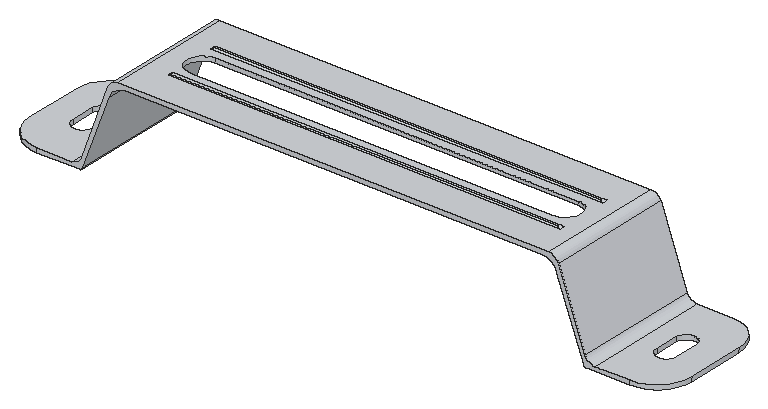
Revit family "THB150", category Generic Models, Revit 2017
Family settings
  Can host rebar = No
  Round Connector Dimension = Use Diameter
  Part Type = Normal
  Work Plane-Based = Yes
  Always vertical = No
  Cut with Voids When Loaded = No
  Shared = No
  Room Calculation Point = No
Parameters (values of type "NBS Standard Parameters")
  Weight = "0.077Kg"
  WarrantyStartDate [instance] = "1900-12-31T23:59:59"
  WarrantyGuarantorParts = "n/a"
  WarrantyGuarantorLabor = "n/a"
  WarrantyDurationUnit = "1 year"
  WarrantyDurationParts = "n/a"
  WarrantyDurationLabor = "n/a"
  WarrantyDescription = "n/a"
  Version = "1"
  Uniclass2 = "PR-65_70_11_18"
  TagNumber [instance] = "n/a"
  SustainabilityPerformance = "n/a"
  Size = "150"
  Shape = ""
  SerialNumber [instance] = "n/a"
  Revision = "n/a"
  ReplacementCost = "n/a"
  ProductInformation = "www.metpro.co.uk/pdf/thb150.pdf"
  NominalWidth = 28.5 mm
  NominalLength = 182 mm
  NominalHeight = 25.5 mm
  Name = ""
  NBSTypeID = ""
  NBSReference = "90-55-10/410"
  NBSOfficeMasterTag = ""
  NBSNote = ""
  NBSDescription = "Cable Trunking"
  NBSCertification = ""
  ModelReference = "THB150"
  ModelNumber = "n/a"
  Material = "Pre Galvanised Steel"
  ManufacturerURL = "www.metpro.co.uk"
  ManufacturerName = "Metpro Ltd"
  Keynote = "Compliant to LU standard 1-085"
  InstallationDate [instance] = "1900-12-31T23:59:59"
  IfcExportType = ""
  IfcExportAs = ""
  Grade = "n/a"
  Finish = "Pre Galvanised"
  Features = "n/a"
  ExpectedLife = "n/a"
  DurationUnit = "year"
  Description = "THB150   - 150mm Top Hat Bracket"
  Default Elevation = 1219.2 mm
  Constituents = "n/a"
  Color = "n/a"
  CodePerformance = "n/a"
  Category = "n/a"
  BarCode [instance] = "n/a"
  BIMObjectName = "metpro_metprolibrary_cabletrunking_supportsystem_tophatbracket"
  Author = "Metpro Ltd"
  AssetType = ""
  AssetIdentifier [instance] = "n/a"
  AccessibilityPerformance = "n/a"
Reference planes
  plane 1 "Center (Front/Back)": y = 0
  plane 2: z = 0
  plane 3 "Center (Left/Right)": x = 0
Forms (mm)
  Extrusion 1, solid
    sketch origin (45.043, 14.948, -32.602) x (-1, 0, 0) y (0, 0, 1)
      loop
        line (-93.538, 5) -> (-71.052, 5)
        arc (-71.052, 5) -> (-70.478, 5.181) -> (-70.112, 5.658) r 1
        line (-70.112, 5.658) -> (-62.45, 26.71)
        arc (-62.45, 26.71) -> (-60.619, 29.096) -> (-57.751, 30) r 5
        line (-57.751, 30) -> (62.675, 30)
        arc (62.675, 30) -> (65.542, 29.096) -> (67.373, 26.71) r 5
        line (67.373, 26.71) -> (75.035, 5.658)
        arc (75.035, 5.658) -> (75.402, 5.181) -> (75.975, 5) r 1
        line (75.975, 5) -> (98.462, 5) -> (98.462, 6.2) -> (78.216, 6.2)
        arc (78.216, 6.2) -> (76.495, 6.743) -> (75.397, 8.174) r 3
        line (75.397, 8.174) -> (67.734, 29.226)
        arc (67.734, 29.226) -> (66.636, 30.657) -> (64.915, 31.2) r 3
        line (64.915, 31.2) -> (-59.992, 31.2)
        arc (-59.992, 31.2) -> (-61.713, 30.657) -> (-62.811, 29.226) r 3
        line (-62.811, 29.226) -> (-70.474, 8.174)
        arc (-70.474, 8.174) -> (-71.572, 6.743) -> (-73.293, 6.2) r 3
        line (-73.293, 6.2) -> (-93.538, 6.2) -> (-93.538, 5)
    from 0 to 37
  Extrusion 2, void
    sketch origin (106.299, 16.819, -1.402) x (0, -1, 0) y (-1, 0, 0)
      loop
        arc (-20.961, 11.009) -> (-16.461, 6.509) -> (-11.961, 11.009) r 4.5
        line (-11.961, 11.009) -> (-11.961, 116.224)
        arc (-11.961, 116.224) -> (-16.461, 120.724) -> (-20.961, 116.224) r 4.5
        line (-20.961, 116.224) -> (-20.961, 11.009)
    from 0 to 3
  Blend 3, solid
    base sketch origin (105.543, 20.028, -1.402) x (-1, 0, 0) y (0, -1, 0)
      loop
        line (5.267, -5) -> (5.267, -6.337) -> (118.837, -6.337) -> (118.837, -5) -> (5.267, -5)
    top sketch origin (105.543, 20.028, -1.402) x (-1, 0, 0) y (0, -1, 0)
      loop
        arc (6.049, -5.3) -> (5.681, -5.668) -> (6.049, -6.037) r 0.368
        line (6.049, -6.037) -> (118.097, -6.037)
        arc (118.097, -6.037) -> (118.466, -5.668) -> (118.097, -5.3) r 0.368
        line (118.097, -5.3) -> (6.049, -5.3)
    from 0 to 0.3
  Blend 4, solid
    base sketch origin (105.543, 46.868, -1.402) x (-1, 0, 0) y (0, -1, 0)
      loop
        line (5.267, 5) -> (118.837, 5) -> (118.837, 6.337) -> (5.267, 6.337) -> (5.267, 5)
    top sketch origin (105.543, 46.868, -1.402) x (-1, 0, 0) y (0, -1, 0)
      loop
        line (6.049, 5.3) -> (118.097, 5.3)
        arc (118.097, 5.3) -> (118.466, 5.668) -> (118.097, 6.037) r 0.368
        line (118.097, 6.037) -> (6.049, 6.037)
        arc (6.049, 6.037) -> (5.681, 5.668) -> (6.049, 5.3) r 0.368
    from 0 to 0.3
  Extrusion 5, void
    sketch origin (138.581, 14.948, -26.402) x (0, -1, 0) y (-1, 0, 0)
      loop
        arc (-10, 192) -> (-2.929, 189.071) -> (0, 182) r 10
        line (0, 182) -> (5, 182) -> (5, 197) -> (-43.383, 197) -> (-43.383, 182) -> (-37, 182)
        arc (-37, 182) -> (-34.071, 189.071) -> (-27, 192) r 10
        line (-27, 192) -> (-10, 192)
      loop
        arc (-22.061, 183.694) -> (-25.061, 180.694) -> (-22.061, 177.694) r 3
        line (-22.061, 177.694) -> (-15.061, 177.694)
        arc (-15.061, 177.694) -> (-12.061, 180.694) -> (-15.061, 183.694) r 3
        line (-15.061, 183.694) -> (-22.061, 183.694)
      loop
        line (-10, 0) -> (-27, 0)
        arc (-27, 0) -> (-34.071, 2.929) -> (-37, 10) r 10
        line (-37, 10) -> (-43.383, 10) -> (-43.383, -5) -> (5, -5) -> (5, 10) -> (0, 10)
        arc (0, 10) -> (-2.929, 2.929) -> (-10, 0) r 10
      loop
        line (-22.061, 8.306) -> (-15.061, 8.306)
        arc (-15.061, 8.306) -> (-12.061, 11.306) -> (-15.061, 14.306) r 3
        line (-15.061, 14.306) -> (-22.061, 14.306)
        arc (-22.061, 14.306) -> (-25.061, 11.306) -> (-22.061, 8.306) r 3
    from 0 to 4.607
Cuts and joins
  Extrusion 2, Extrusion 5 cuts Extrusion 1
Dimensions and locks
  aligned and locked: level to plane 2
